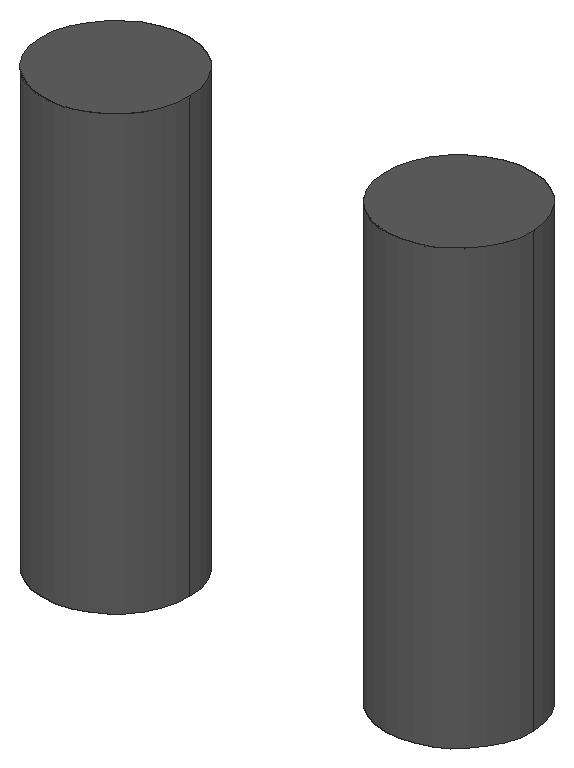
Revit family "5421220933(2023)", category Plumbing Fixtures, Revit 2020
Family settings
  Round Connector Dimension = Use Diameter
  Part Type = Normal
  OmniClass Number = 23.45.55.00
  OmniClass Title = Sanitary Faucets, Wastes
  Work Plane-Based = No
  Always vertical = Yes
  Cut with Voids When Loaded = No
  Shared = No
  Room Calculation Point = No
Parameters (values of type "5421220933 HANSAVANTIS Style")
  Working Pressure = "50 - 1000 kPa"
  WarrantyStartDate [instance] = "n/a"
  WarrantyGuarantorParts = "n/a"
  WarrantyGuarantorLabor = "n/a"
  WarrantyDurationUnit = "Year"
  WarrantyDurationParts = "n/a"
  WarrantyDurationLabor = "n/a"
  WarrantyDescription = "http://warranty.hansa.com"
  Warranty Information URL = "http://warranty.hansa.com"
  VersionDate = "17/01/2024"
  Version = "1"
  ValvePattern = "n/a"
  ValveOperation = "n/a"
  ValveMechanism = "n/a"
  Uniclass2015Reference = "Pr_40_20_87_96"
  Uniclass2015Description = "Washbasin manual water supply sets"
  Uniclass2 = "Pr_40_30_96_96"
  URL WEEE = "http://static.hansa.com/WEEE/5421220933"
  URL UWL = "http://static.hansa.com/UWL/5421220933"
  URL REACH = "http://static.hansa.com/doc/reach"
  URL EcoLabel Declaration = "http://static.hansa.com/doc/EcoLabel"
  URL EU Packaging Declaration = "http://static.hansa.com/doc/packaging"
  URL Declaration of SCIP = "http://static.hansa.com/doc/SCIP"
  URL Declaration of Conformity = "http://static.hansa.com/DoC/5421220933"
  URL Declaration of Asbestos = "http://static.hansa.com/doc/asbestos"
  URL Declaration Of Performance (DOP) = "http://static.hansa.com/doc/DoP"
  URL = ""
  UNSPSC Class Number = "30181700 Faucets or taps"
  TestPressure = "n/a"
  Temperature Adjustments = "Limitation option for maximum temperature and flow-rate "
  Technical DataSheet URL = "http://www.hansa.com/datasheet/5421220933/en"
  TagNumber [instance] = "n/a"
  SustainabilityPerformance = "n/a"
  Surface treatment = "Matt black"
  Spout Type = "Swivel spout"
  Spout Swivel Range = "120°"
  Spout Projection = "255 mm"
  Spare-Part Information URL = "http://static.hansa.com/sp/5421220933"
  Size = "54x261.5x338 mm"
  Shape = "Sculptured"
  SerialNumber [instance] = "n/a"
  Sales Package dimensions (LxWxH) = "508 x 249 x 96"
  Revision = "n/a"
  ReplacementCost = "n/a"
  Protection Class = "IP 55"
  ProductInformation = "Kitchen faucet with high spout"
  Product URL = "http://static.hansa.com/5421220933"
  Product Image URL = "http://static.hansa.com/image/5421220933"
  Product Family = "Hybrid Hybrid;Plug transformer;Bluetooth®"
  Product Code = "5421220933"
  OperatingMechanismMaterial = "n/a"
  Operating Voltage = 2309 V
  Operating Distance = "0-30 mm ( 30/90/110/130 mm)"
  NominalWidth = 50 mm
  NominalHeight = 330 mm
  NominalDepth = 259 mm
  Noise Class = "I (ISO 3822)"
  Name_en = "5421220933 HANSAVANTIS Style"
  Name = "5421220933 HANSAVANTIS Style"
  NBSReference = "45-35-70/371"
  NBSDescription = "Water supply fittings for wash basins and troughs"
  ModelReference = "5421220933"
  ModelNumber = "n/a"
  Model = "5421220933 HANSAVANTIS Style"
  Mobile Product Information URL = "http://mpi.hansa.com/5421220933"
  Mechanical Parts = "30Cartridge"
  Max. Hot Water Supply = 70 °C
  Max Flow Period = "10 s (1-1800s)"
  Material = "Brass"
  Market = "International;Germany;Austria;Belgium;Netherlands;Czech Republic;Slovakia;Italy"
  ManufacturerURL = "http://www.hansa.com"
  ManufacturerName = "HANSA"
  Manufacturer = "HANSA"
  Lever Handle = "Single operating lever/handle;Hot/Cold symbols"
  Interactive AR View URL = "https://static.hansa.com/AR/5421220933"
  InstallationDate [instance] = "n/a"
  Installation and Maintenance Guide URL = "http://static.hansa.com/manual/5421220933"
  Installation Type = "Deck mounted"
  InletConnectionSize = 10 mm
  IfcExportType = "FAUCET"  # constant formula
  IfcExportAs = "IfcValveType"  # constant formula
  Group = "Sales item"
  Grade = "n/a"
  FlowCoefficient = 0
  Flow Rate At 300kPa With Flow Controller = 0.18 L/s
  Flow Drawing URL = "http://static.hansa.com/flowchart/5421220933"
  Finish = "Polished"
  Features = "Kitchen faucet"
  FaucetMainMaterial = Matt black
  FDV Document URL = "http://www.hansa.com/datasheet/5421220933/en/fdv"
  ExpectedLife = "n/a"
  Electronic Parts = ";Solenoid valve;Power supply"
  ETIM Class Number = "EC011431 Kitchen mixing tap"
  EN Standard = "ETSI EN 301 489-1 V1.9.2 , \nETSI EN 300 328 v2.2.2 , \nEN 61000-6-1:2007 , \nEN 61000-6-3:2007+A1:2011+AC:2012 , \nEN 60335-1:2012+A11+A13+A1+A14+A2+A15:2021, Part 19.11.4"
  EMC Directive = "Radio Equipment Directive 2014/53/EU , \nLow Voltage Directive 2014/35/EU , \nEMC Directive 2014/30/EU , \nRoHS Directive 2011/65/EU"
  EAN Number = "4057304019906"
  DurationUnit = "Year"
  Dimension Drawing URL = "http://static.hansa.com/dimdrw/5421220933"
  Description = ""
  DefaultElevation [instance] = 900 mm
  Default Elevation = 0 mm
  Constituents = "n/a"
  Connection Size = "G3/8"
  Connection = "Flexible inlet pipes"
  Color = "Matt black"
  CodePerformance = "n/a"
  CloseOffRating = 0
  Catalog Drawing URL = "http://static.hansa.com/catdrw/5421220933"
  Brand = "HANSA"
  BodyMaterial = "Brass"
  Bluetooth = "5.x (D060576)"
  Barcode [instance] = "n/a"
  Backflow Prevention EN1717 = "EB"
  BIMObjectName = "5421220933(2023)"
  Automatic Flush Period = "30 s (1-1800 s)"
  Automatic Flush Frequency = "30 s (1-1800 s)"
  Author = "BIMStone"
  AssetType = "Fixed"
  AssetIdentifier [instance] = "n/a"
  Aerator = "Standard aerator"
  Advanced Features = "Inner body made of DZR brass"
  AccessibilityPerformance = "n/a"
  3D View = "https://static.hansa.com/AR/5421220933"
  2D/3D/BIM Files URL = "http://static.hansa.com/bim/5421220933"
Reference planes
  plane 1 "Center (Front/Back)": y = 0
  plane 2: z = 0
  plane 3 "Center (Left/Right)": x = 0
  plane 4: x = -25
  plane 5: z = 900
  plane 6: z = 870
  plane 7: x = 25
  plane 8: y = -259
  plane 9: z = 1230
  plane 10: x = 73.906
Forms (mm)
  Extrusion 1, solid, material "Matt black" <- "FaucetMainMaterial"
    sketch origin (0, 47.989, 0) x (1, 0, 0) y (0, 1, 0)
      loop
        circle (-11.5, -71.208) r 5
      loop
        circle (11.5, -71.208) r 5
    from 870 to 900
Dimensions and locks
  "DefaultElevation": plane 5 to level
  locked: plane 5 to plane 6 at 30
  equal spacing: plane 4, plane 3 "Center (Left/Right)", plane 7
  "NominalWidth": plane 4 to plane 7
  "NominalDepth": plane 8 to plane 1 "Center (Front/Back)"
  "NominalHeight": plane 9 to plane 5
  plane 4 to plane 10 = 98.906 mm
  "InletConnectionSize": diameter of Extrusion 1 sketch curve  (x2)
  aligned and locked: level to plane 2
  aligned and locked: plane 5 to Extrusion 1
  aligned and locked: Extrusion 1 to plane 6
  aligned and locked: plane 5 to nested 2
Automatic sketch dimensions
  plane 3 "Center (Left/Right)" to Extrusion 1 sketch curve = 11.5 mm
  Extrusion 1 sketch curve to plane 3 "Center (Left/Right)" = 11.5 mm
  plane 1 "Center (Front/Back)" to Extrusion 1 sketch curve = 23.219 mm  (x2)
Nested families
  nested 1: "Symbol" at (0, 0, 0), type "Symbol", detail levels coarse
  nested 2: "5421220933(2023)_p" at (0, 0, 900), Body <- "FaucetMainMaterial", type "5421220933(2023)_p"
    with Body Matt black
Connectors
  piping at (-11.5, -23.219, 870), diameter 10, driven by "InletConnectionSize"
    settings: on Extrusion 1, index 1, connector inside diameter 609.6 mm, connector length 0 mm, flow factor 0, pipe flow 0.0 L/s, pressure drop 0.0 Pa, fitting loss kfactor 0, connector angle 0.00°, fixture units 0, engagement length 0 mm, angle of deflection 0.00°, flow configuration 1, flow direction 1, fitting loss method 0, system type 19, joint type 0, gender type 0, connector reference index -1, connector utility 0, adjustable connector no, is connector primary yes, connector description ""
  piping at (11.5, -23.219, 870), diameter 10, driven by "InletConnectionSize"
    settings: on Extrusion 1, index 2, connector inside diameter 609.6 mm, connector length 0 mm, flow factor 0, pipe flow 0.0 L/s, pressure drop 0.0 Pa, fitting loss kfactor 0, connector angle 0.00°, fixture units 0, engagement length 0 mm, angle of deflection 0.00°, flow configuration 1, flow direction 1, fitting loss method 0, system type 20, joint type 0, gender type 0, connector reference index -1, connector utility 0, adjustable connector no, is connector primary no, connector description ""
Definition of nested family "Symbol"
  Reference planes
    plane 1: y = 0
    plane 2: x = 0
  Lines and regions (mm)
    detail lines
      curve 1: line (0, 0, 0) -> (0, -1.8, 0)
      curve 2: line (-0.4, -1.1, 0) -> (0.4, -1.1, 0)
      curve 3: line (-0.4, -1.4, 0) -> (0.4, -1.4, 0)
      curve 4: line (0.863, 0, 0) -> (-0.863, 0, 0)
      curve 5: circle (-1.163, 0, 0) r 0.3 normal (0, 0, -1)
      curve 6: circle (1.163, 0, 0) r 0.3 normal (0, 0, 1)
Definition of nested family "5421220933(2023)_p"
  Parameters
    Default Elevation = 0 mm
    Body [instance] = none
  Reference planes
    plane 1 "Center (Front/Back)": y = 0
    plane 2: z = 0
    plane 3 "Center (Left/Right)": x = 0
    plane 4: y = -259.041
    plane 5: z = 329.978
    plane 6: x = 73.906
    plane 7: x = -25.016
    plane 8: x = 25.016
  Forms (mm)
    Revolve 1, solid, material <- "Body", detail levels medium
      sketch origin (0, -25.106, 0) x (1, 0, 0) y (0, 0, 1)
        loop
          line (0, 0) -> (0, 119.955) -> (0, 155.995) -> (-12.03, 155.995)
          arc (-12.03, 155.995) -> (-13.262, 151.035) -> (-15.793, 146.595) r 18.682
          arc (-15.793, 146.595) -> (-19.386, 139.881) -> (-20.627, 132.367) r 23.353
          line (-20.627, 132.367) -> (-20.627, 4.978) -> (-23.539, 4.978)
          arc (-23.539, 4.978) -> (-24.583, 4.546) -> (-25.016, 3.501) r 1.477
          line (-25.016, 3.501) -> (-25.016, 0) -> (-23.227, 0) -> (0, 0)
        axis (0, 155.995) -> (0, 0)
      angle from 0 to 360
    Sweep 2, solid, material <- "Body", detail levels medium
      path origin (0, 0, 0) x (0, 1, 0) y (0, 0, 1)
        loop
          line (-24.168, 155.995) -> (-24.168, 287.084)
          arc (-24.168, 287.084) -> (-33.329, 309.199) -> (-55.444, 318.36) r 31.276
          line (-55.444, 318.36) -> (-213.11, 318.36)
          arc (-213.11, 318.36) -> (-233.231, 311.333) -> (-244.604, 293.308) r 32.323
          line (-244.604, 293.308) -> (-247.493, 280.796)
      profile origin (0, -24.168, 221.54) x (0, -1, 0) y (1, 0, 0)
        loop
          circle (0.937, 0) r 12.03
    Extrusion 3, solid, material <- "Body", detail levels medium
      sketch origin (0, -1.875, 5.625) x (0, 1, 0) y (0, 0, 1)
        loop
          circle (-23.35, 63.254) r 20
      from 0 to 73.906
    Revolve 4, solid, material <- "Body", detail levels medium
      sketch origin (68.39, -1.875, 5.625) x (0, 1, 0) y (0, 0, 1)
        loop
          line (-63.264, 132.518) -> (-30.764, 76.226) -> (-26.236, 78.84) -> (-57.737, 133.4)
          arc (-57.737, 133.4) -> (-58.951, 134.332) -> (-60.467, 134.132) r 1.999
          line (-60.467, 134.132) -> (-63.264, 132.518)
        axis (-63.264, 132.518) -> (-30.764, 76.226)
      angle from 0 to 360
    Extrusion 5, solid, material <- "Body", detail levels coarse
      sketch origin (0, 0, 0) x (1, 0, 0) y (0, 1, 0)
        loop
          line (-25.016, 0) -> (-25.016, -259.041) -> (73.906, -259.041) -> (73.906, 0) -> (-25.016, 0)
      from 0 to 329.978
  Cuts and joins
    joined: Revolve 1, Sweep 2, Extrusion 3, Revolve 4
  Lines and regions (mm)
    symbolic lines, detail levels medium+fine
      curve 1: line (0, 0, 0) -> (-25.016, 0, 0)
      curve 2: line (-11.88, 0, 318.671) -> (-11.88, 0, 156.039)
      curve 3: arc (0, 0, 329.964) -> (-8.363, 0, 326.867) -> (-11.88, 0, 318.671) r 11.307
      curve 4: line (0, 0, 0) -> (25.016, 0, 0)
      curve 5: line (11.88, 0, 318.671) -> (11.88, 0, 156.039)
      curve 6: arc (0, 0, 329.964) -> (8.363, 0, 326.867) -> (11.88, 0, 318.671) r 11.307
      curve 7: line (41.194, 0, 47.358) -> (27.225, 0, 47.358)
      curve 8: line (41.194, 0, 47.358) -> (41.194, 0, 48.505)
      curve 9: line (41.194, 0, 89.354) -> (26.3, 0, 89.354)
      curve 10: line (41.194, 0, 48.505) -> (43.515, 0, 49.171)
      curve 11: arc (43.515, 0, 49.171) -> (45.054, 0, 49.727) -> (46.503, 0, 50.486) r 12.11
      curve 13: line (72.352, 0, 47.387) -> (49.555, 0, 47.387)
      curve 14: arc (49.555, 0, 47.387) -> (48.783, 0, 47.572) -> (48.179, 0, 48.085) r 1.706
      curve 15: arc (48.179, 0, 48.085) -> (47.327, 0, 49.276) -> (46.503, 0, 50.486) r 63.042
      curve 16: arc (73.906, 0, 49.028) -> (73.482, 0, 47.873) -> (72.352, 0, 47.387) r 1.556
      curve 17: line (73.906, 0, 49.028) -> (73.906, 0, 135.708)
      curve 18: arc (73.906, 0, 135.708) -> (73.209, 0, 137.835) -> (71.387, 0, 139.135) r 3.591
      curve 19: arc (71.387, 0, 139.135) -> (68.253, 0, 139.524) -> (65.183, 0, 138.788) r 8.849
      curve 20: arc (65.183, 0, 138.788) -> (63.79, 0, 137.527) -> (63.431, 0, 135.683) r 2.975
      curve 21: line (63.431, 0, 135.683) -> (62.93, 0, 91.848)
      curve 22: line (43.166, 0, 89.375) -> (61.286, 0, 89.375)
      curve 23: arc (62.93, 0, 91.848) -> (62.871, 0, 91.088) -> (62.715, 0, 90.342) r 5.846
      curve 24: arc (62.715, 0, 90.342) -> (62.178, 0, 89.596) -> (61.286, 0, 89.375) r 1.334
      curve 25: line (43.166, 0, 89.375) -> (43.166, 0, 87.583)
      curve 28: line (43.166, 0, 87.583) -> (41.194, 0, 88.149)
      curve 29: line (41.194, 0, 88.149) -> (41.194, 0, 89.354)
      curve 32: arc (-11.579, -248.462, 0) -> (-8.121, -256.304, 0) -> (0, -259.041, 0) r 10.623
      curve 36: arc (11.579, -248.462, 0) -> (8.121, -256.304, 0) -> (0, -259.041, 0) r 10.623
      curve 39: line (41.2, -45.948, 0) -> (15.824, -45.948, 0)
      curve 41: line (41.2, -44.788, 0) -> (41.2, -45.948, 0)
      curve 42: line (43.192, -44.217, 0) -> (41.2, -44.788, 0)
      curve 43: line (43.192, -44.217, 0) -> (43.192, -45.522, 0)
      curve 44: arc (43.192, -45.522, 0) -> (43.316, -45.823, 0) -> (43.618, -45.947, 0) r 0.426
      curve 45: line (43.618, -45.947, 0) -> (63.077, -45.947, 0)
      curve 46: line (63.077, -45.947, 0) -> (63.393, -64.049, 0)
      curve 47: arc (63.393, -64.049, 0) -> (64.453, -66.968, 0) -> (67.082, -68.62, 0) r 4.781
      curve 48: arc (67.082, -68.62, 0) -> (71.491, -67.817, 0) -> (73.906, -64.042, 0) r 5.613
      curve 49: line (73.906, -64.042, 0) -> (73.906, -5.344, 0)
      curve 50: arc (73.906, -5.344, 0) -> (73.506, -4.376, 0) -> (72.538, -3.975, 0) r 1.368
      curve 51: line (72.538, -3.975, 0) -> (46.729, -3.975, 0)
      curve 52: arc (46.729, -3.975, 0) -> (46.155, -4.075, 0) -> (45.647, -4.361, 0) r 1.71
      curve 53: arc (45.647, -4.361, 0) -> (44.77, -5.137, 0) -> (43.956, -5.979, 0) r 14.938
      curve 54: line (41.2, -5.16, 0) -> (42.717, -5.538, 0)
      curve 55: arc (42.717, -5.538, 0) -> (43.348, -5.729, 0) -> (43.956, -5.979, 0) r 6.786
      curve 56: line (41.2, -5.16, 0) -> (41.2, -4.257, 0)
      curve 57: arc (41.2, -4.257, 0) -> (41.113, -4.047, 0) -> (40.902, -3.96, 0) r 0.298
      curve 58: line (40.902, -3.96, 0) -> (15.902, -3.96, 0)
      curve 65: line (0, 0, 0) -> (0, -50, 0)
      curve 66: line (0, -50, 0) -> (0, -50, 3.395)
      curve 67: line (0, -45.958, 4.978) -> (0, -48.458, 4.978)
      curve 68: arc (0, -48.458, 4.978) -> (0, -49.563, 4.512) -> (0, -50, 3.395) r 1.542
      curve 69: line (0, -45.958, 4.978) -> (0, -45.958, 93.762)
      curve 71: line (0, -45.958, 115.126) -> (0, -45.958, 128.827)
      curve 72: line (0, -45.958, 115.126) -> (0, -59.196, 138.054)
      curve 73: line (0, -45.958, 93.762) -> (0, -68.502, 133.164)
      curve 74: line (0, -62.19, 139.108) -> (0, -67.777, 135.883)
      curve 75: arc (0, -59.196, 138.054) -> (0, -60.451, 139.27) -> (0, -62.19, 139.108) r 2.09
      curve 76: arc (0, -67.777, 135.883) -> (0, -68.703, 134.674) -> (0, -68.502, 133.164) r 1.987
      curve 77: arc (0, -45.958, 128.827) -> (0, -44.433, 138.219) -> (0, -40.015, 146.646) r 29.684
      curve 78: arc (0, -40.015, 146.646) -> (0, -37.703, 151.087) -> (0, -36.945, 156.036) r 15.338
      curve 79: line (0, -36.945, 156.036) -> (0, -36.945, 287.447)
      curve 80: arc (0, -36.945, 287.447) -> (0, -42.352, 300.5) -> (0, -55.406, 305.907) r 18.461
      curve 81: line (0, -55.406, 305.907) -> (0, -214.795, 305.907)
      curve 82: arc (0, -214.795, 305.907) -> (0, -226.736, 301.515) -> (0, -232.984, 290.431) r 18.427
      curve 83: line (0, -232.984, 290.431) -> (0, -235.84, 278.061)
      curve 84: line (0, -235.84, 278.061) -> (0, -259.041, 283.417)
      curve 85: line (0, -256.259, 296.173) -> (0, -259.041, 284.119)
      curve 86: arc (0, -259.041, 284.119) -> (0, -259.081, 283.768) -> (0, -259.041, 283.417) r 1.561
      curve 87: arc (0, -213.582, 329.978) -> (0, -240.842, 320.551) -> (0, -256.259, 296.173) r 43.617
      curve 88: line (0, -213.582, 329.978) -> (0, -55.72, 329.978)
      curve 89: arc (0, -55.72, 329.978) -> (0, -25.509, 317.464) -> (0, -12.995, 287.253) r 42.725
      curve 90: line (0, -12.995, 287.253) -> (0, -12.995, 155.857)
      curve 91: arc (0, -12.995, 155.857) -> (0, -12.176, 150.915) -> (0, -9.806, 146.501) r 15.32
      curve 92: arc (0, -9.806, 146.501) -> (0, -5.345, 138.078) -> (0, -3.947, 128.65) r 28.182
      curve 93: line (0, -3.947, 128.65) -> (0, -3.947, 4.978)
      curve 94: line (0, -3.947, 4.978) -> (0, -1.363, 4.978)
      curve 95: arc (0, -1.363, 4.978) -> (0, -0.358, 4.537) -> (0, 0, 3.5) r 1.368
      curve 96: line (0, 0, 3.5) -> (0, 0, 0)
      curve 100: line (25.016, 0, 0) -> (25.016, 0, 3.474)
      curve 101: line (21.3, 0, 4.978) -> (23.659, 0, 4.978)
      curve 102: arc (23.659, 0, 4.978) -> (24.672, 0, 4.527) -> (25.016, 0, 3.474) r 1.364
      curve 103: line (-25.016, 0, 0) -> (-25.016, 0, 3.639)
      curve 104: line (-20.627, 0, 4.978) -> (-23.5, 0, 4.978)
      curve 105: arc (-23.5, 0, 4.978) -> (-24.511, 0, 4.595) -> (-25.016, 0, 3.639) r 1.527
      curve 106: line (-20.627, 0, 4.978) -> (-20.627, 0, 128.799)
      curve 107: arc (-20.627, 0, 128.799) -> (-19.142, 0, 138.762) -> (-14.815, 0, 147.859) r 34.16
      curve 108: arc (-14.815, 0, 147.859) -> (-12.839, 0, 151.767) -> (-11.88, 0, 156.039) r 17.74
      curve 109: line (21.3, 0, 4.978) -> (21.3, 0, 41.433)
      curve 110: arc (27.225, 0, 47.358) -> (23.035, 0, 45.623) -> (21.3, 0, 41.433) r 5.925
      curve 111: line (21.3, 0, 94.354) -> (21.3, 0, 129.354)
      curve 112: arc (21.3, 0, 94.354) -> (22.764, 0, 90.819) -> (26.3, 0, 89.354) r 5
      curve 113: arc (21.3, 0, 129.354) -> (19.722, 0, 138.734) -> (15.163, 0, 147.083) r 28.675
      curve 114: arc (15.163, 0, 147.083) -> (12.81, 0, 151.3) -> (11.88, 0, 156.039) r 15.386
      curve 123: arc (15.902, -3.96, 0) -> (13.914, -3.765, 0) -> (12.001, -3.188, 0) r 10.25
      curve 124: arc (15.824, -45.948, 0) -> (14.232, -46.132, 0) -> (12.724, -46.675, 0) r 6.974
      curve 125: line (-11.579, -47.19, 0) -> (-11.579, -248.462, 0)
      curve 126: arc (11.579, -47.312, 0) -> (12.155, -47.001, 0) -> (12.724, -46.675, 0) r 25.016
      curve 127: line (11.579, -47.312, 0) -> (11.579, -248.462, 0)
      curve 129: arc (12.001, -3.067, 0) -> (-22.063, -13.225, 0) -> (-11.579, -47.19, 0) r 25.016
    symbolic lines, detail levels fine
      curve 12: line (41.194, 0, 48.505) -> (41.194, 0, 88.149)
      curve 26: arc (43.166, 0, 59.375) -> (43.314, 0, 57.928) -> (43.752, 0, 56.542) r 7.131
      curve 27: arc (43.752, 0, 56.542) -> (45.101, 0, 53.502) -> (46.503, 0, 50.486) r 186.065
      curve 30: line (43.166, 0, 87.583) -> (43.166, 0, 59.375)
      curve 31: line (-11.579, -43.321, 0) -> (-11.579, -47.19, 0)
      curve 33: line (-11.579, -43.321, 0) -> (-11.579, -23.321, 0)
      curve 34: arc (-11.579, -23.321, 0) -> (-8.185, -15.148, 0) -> (0, -11.782, 0) r 11.539
      curve 35: line (11.579, -43.321, 0) -> (11.579, -44.492, 0)
      curve 37: line (11.579, -43.321, 0) -> (11.579, -23.321, 0)
      curve 38: arc (11.579, -23.321, 0) -> (8.185, -15.148, 0) -> (0, -11.782, 0) r 11.539
      curve 40: line (11.579, -44.492, 0) -> (11.579, -47.312, 0)
      curve 59: line (41.2, -5.16, 0) -> (41.2, -44.788, 0)
      curve 60: line (63.077, -45.947, 0) -> (62.942, -38.181, 0)
      curve 61: arc (62.942, -38.181, 0) -> (63.837, -35.378, 0) -> (66.251, -33.696, 0) r 4.586
      curve 62: arc (66.251, -33.696, 0) -> (70.938, -34.207, 0) -> (73.906, -37.87, 0) r 6.192
      curve 63: line (43.192, -44.217, 0) -> (43.192, -7.885, 0)
      curve 64: arc (43.192, -7.885, 0) -> (43.39, -6.858, 0) -> (43.956, -5.979, 0) r 2.759
      curve 70: line (0, -45.958, 93.762) -> (0, -45.958, 115.126)
      curve 97: line (0, -3.947, 4.978) -> (0, -45.958, 4.978)
      curve 98: line (0, -234.796, 282.585) -> (0, -258.151, 287.977)
      curve 99: spline (11.88, 0, 280.681) -> (11.475, 0, 281.427) -> (10.289, 0, 282.122) -> (8.401, 0, 282.719) -> (5.94, 0, 283.177) -> (3.075, 0, 283.465) -> (0, 0, 283.563) -> (-3.075, 0, 283.465) -> (-5.94, 0, 283.177) -> (-8.401, 0, 282.719) -> (-10.289, 0, 282.122) -> (-11.475, 0, 281.427) -> (-11.88, 0, 280.681) -> (-11.475, 0, 279.935) -> (-10.289, 0, 279.24) -> (-8.401, 0, 278.643) -> (-5.94, 0, 278.184) -> (-3.075, 0, 277.897) -> (0, 0, 277.798) -> (3.075, 0, 277.897) -> (5.94, 0, 278.184) -> (8.401, 0, 278.643) -> (10.289, 0, 279.24) -> (11.475, 0, 279.935) -> (11.88, 0, 280.681)
      curve 115: arc (-11.235, 0, 286.188) -> (-5.742, 0, 287.963) -> (0, 0, 288.563) r 27.754
      curve 116: arc (-11.88, 0, 285.187) -> (-11.707, 0, 285.784) -> (-11.235, 0, 286.188) r 1.084
      curve 117: arc (11.235, 0, 286.188) -> (5.742, 0, 287.963) -> (0, 0, 288.563) r 27.754
      curve 118: arc (11.88, 0, 285.187) -> (11.707, 0, 285.784) -> (11.235, 0, 286.188) r 1.084
      curve 119: line (-20.627, 0, 4.978) -> (21.3, 0, 4.978)
      curve 120: line (22.764, 0, 90.819) -> (6.309, 0, 74.363)
      curve 121: line (23.035, 0, 45.623) -> (6.309, 0, 62.349)
      curve 122: arc (6.309, 0, 74.363) -> (3.821, 0, 68.356) -> (6.309, 0, 62.349) r 8.495
      curve 128: arc (12.724, -46.675, 0) -> (25.012, -24.721, 0) -> (12.001, -3.188, 0) r 25.016
  Dimensions and locks
    aligned and locked: level to plane 2
